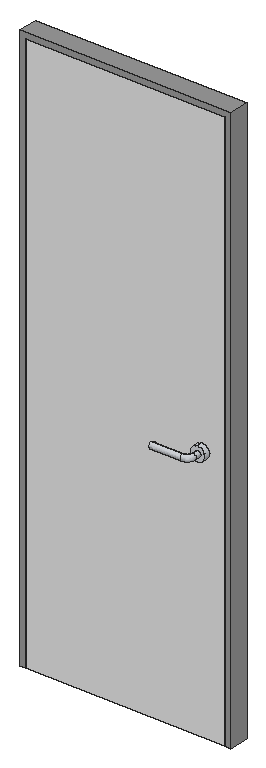
Revit family "- Sinfonia", category Doors, host Wall, Revit 2018
Family settings
  Host = Wall
  OmniClass Number = 23.30.10.00
  OmniClass Title = Doors
  Always vertical = Yes
  Cut with Voids When Loaded = No
  Shared = No
  Room Calculation Point = No
Parameters (values of type "- 70 x 200 cm")
  Set de Marcos = ""
  Relleno = ""
  Material Marco = - Perfil Aluminio
  Material Hoja = - HDF Prefinish
  Manilla = - Manilla
  Hojas = "Simple de Abatir"
  Function = Interior
  Frame Projection Ext. = 2.50 cm
  Frame Projection Int. = 2.50 cm
  Frame Width = 7.50 cm
  Height = 200.00 cm
  Wall Closure = By host
  Width = 74.00 cm
  Distancia a Cara Interior = 6.00 cm
  Bisagras = ""
  Ancho Hoja = Width - 4.00 cm  # 70.00 cm
  Ancho = Width  # 74.00 cm
  Analytic Construction = "<None>"
  Alto = Height  # 200.00 cm
Types (12, lengths in cm): name | Material Hoja | Height | Width | Ancho Hoja | Ancho | Alto
  - 70 x 200 cm | - HDF Prefinish | 200.00 | 74.00 | 70.00 | 74.00 | 200.00
  - 75 x 200 cm | none | 200.00 | 79.00 | 75.00 | 79.00 | 200.00
  - 80 x 200 cm | none | 200.00 | 84.00 | 80.00 | 84.00 | 200.00
  - 85 x 200 cm | none | 200.00 | 89.00 | 85.00 | 89.00 | 200.00
  - 90 x 200 cm | none | 200.00 | 94.00 | 90.00 | 94.00 | 200.00
  -100 x 200 cm | none | 200.00 | 104.00 | 100.00 | 104.00 | 200.00
  - 70 x 210 cm | none | 210.00 | 74.00 | 70.00 | 74.00 | 210.00
  - 75 x 210 cm | none | 210.00 | 79.00 | 75.00 | 79.00 | 210.00
  - 80 x 210 cm | none | 210.00 | 84.00 | 80.00 | 84.00 | 210.00
  - 85 x 210 cm | none | 210.00 | 89.00 | 85.00 | 89.00 | 210.00
  - 90 x 210 cm | - HDF Prefinish | 210.00 | 94.00 | 90.00 | 94.00 | 210.00
  - 100 x 210 cm | - HDF Siena | 210.00 | 104.00 | 100.00 | 104.00 | 210.00
Reference planes (cm)
  plane 1: y = 0
  plane 2 "Center (Left/Right)": x = 0
  plane 3 "Left": x = -37
  plane 4 "Right": x = 37
  plane 5: z = 200
  plane 6 "Exterior": y = 7.5
  plane 7 "Interior": y = -7.5
  plane 8: y = -1.5
  plane 9: z = 198
  plane 10: x = -35
  plane 11: x = 35
Forms (cm)
  Sweep 1, solid, material "- Perfil Aluminio" <- "Material Marco"
    path origin (0, 7.5, 0) x (1, 0, 0) y (0, 0, 1)
      loop
        line (37, 0) -> (37, 200) -> (-37, 200) -> (-37, 0)
    profile origin (37, 7.5, 100) x (-1, 0, 0) y (0, -1, 0)
      loop
        line (0, 2) -> (3, 2) -> (3, 4.3) -> (2, 4.3) -> (2, 9) -> (0, 9) -> (0, 2)
  Extrusion 2, solid, material "- HDF Prefinish" <- "Material Hoja"
    sketch origin (0, 0, 0) x (1, 0, 0) y (0, 1, 0)
      loop
        line (-35, -1.5) -> (35, -1.5) -> (35, 3) -> (-35, 3) -> (-35, -1.5)
    from 0 to 198
  Sweep 3, solid, material "- Manilla" <- "Manilla", not visible
    path origin (5.8483, -7.5601, 0) x (1, 0, 0) y (0, 1, 0)
      loop
        line (22.1517, 15.0613) -> (32.1517, 15.0613)
        arc (32.1517, 15.0613) -> (33.5659, 14.4756) -> (34.1517, 13.0613) r 2
        line (34.1517, 13.0613) -> (34.1517, 11.0613)
    profile origin (33, 7.5012, 0) x (0, 1, 0) y (0, 0, 1)
      loop
        circle (0, 90) r 1
  Extrusion 4, solid, material "- Manilla" <- "Manilla", not visible
    sketch origin (0, 7.5, 0) x (1, 0, 0) y (0, 0, 1)
      loop
        circle (40, 90) r 2.5
    from 3.9988 to 5
Lines and regions (cm)
  Opening 1
    outline origin (-305, -7.5, 0) x (1, 0, 0) y (0, 0, 1)
      loop
        line (268, 0) -> (342, 0) -> (342, 200) -> (268, 200) -> (268, 0)
  symbolic lines, style "Elevation Swing"
    curve 1: line (37, -7.5, 100) -> (-37, -7.5, 200)
    curve 2: line (37, -7.5, 100) -> (-37, -7.5, 0)
    curve 7: arc (-30.5, -71.5, 0) -> (16.4246, -49.6941, 0) -> (35.2596, -1.5001, 0) r 69.4706
  symbolic lines
    curve 3: line (-35, -1.5, 0) -> (-35, -71.5, 0)
    curve 4: line (-30.5, -1.5, 0) -> (-35, -1.5, 0)
    curve 5: line (-30.5, -71.5, 0) -> (-30.5, -1.5, 0)
    curve 6: line (-35, -71.5, 0) -> (-30.5, -71.5, 0)
  model lines, not visible
    curve 8: line (-20, 3, 25) -> (20, 3, 25)
    curve 9: line (-20, 3, 65) -> (-20, 3, 25)
    curve 10: line (20, 3, 65) -> (8.6603, 3, 65)
    curve 11: line (20, 3, 25) -> (20, 3, 65)
    curve 12: line (-20, 3, 75) -> (-8.6603, 3, 75)
    curve 13: line (-20, 3, 75) -> (-20, 3, 169.9666)
    curve 14: line (20, 3, 75) -> (20, 3, 169.9666)
    curve 15: arc (-8.6603, 3, 65) -> (0, 3, 60) -> (8.6603, 3, 65) r 10
    curve 16: line (8.6603, 3, 75) -> (20, 3, 75)
    curve 17: line (-8.6603, 3, 65) -> (-20, 3, 65)
    curve 18: arc (8.6603, 3, 75) -> (0, 3, 80) -> (-8.6603, 3, 75) r 10
    curve 19: arc (14.9666, 3, 175) -> (0, 3, 183) -> (-14.9666, 3, 175) r 18
    curve 20: arc (-20, 3, 169.9666) -> (-16.4409, 3, 171.4409) -> (-14.9666, 3, 175) r 5.0334
    curve 21: arc (14.9666, 3, 175) -> (16.4409, 3, 171.4409) -> (20, 3, 169.9666) r 5.0334
    curve 22: line (-9.2195, 3, 64) -> (-19, 3, 64)
    curve 23: line (-19, 3, 64) -> (-19, 3, 26)
    curve 24: arc (9.2195, 3, 64) -> (0, 3, 59) -> (-9.2195, 3, 64) r 11
    curve 25: line (19, 3, 64) -> (9.2195, 3, 64)
    curve 26: line (19, 3, 26) -> (19, 3, 64)
    curve 27: line (-19, 3, 26) -> (19, 3, 26)
    curve 28: line (-18.9928, 3, 168.9932) -> (-18.9928, 3, 76)
    curve 29: arc (-13.9941, 3, 174.9045) -> (-15.4113, 3, 171.0338) -> (-18.9928, 3, 168.9932) r 5.9946
    curve 30: arc (13.9971, 3, 174.7848) -> (0.0327, 3, 182.1538) -> (-13.9941, 3, 174.9045) r 17.0542
    curve 31: arc (19, 3, 169.1276) -> (15.4988, 3, 171.072) -> (13.9971, 3, 174.7848) r 6.0089
    curve 32: line (19, 3, 76) -> (19, 3, 169.1276)
    curve 33: line (9.2195, 3, 76) -> (19, 3, 76)
    curve 34: arc (-9.2195, 3, 76) -> (0, 3, 81) -> (9.2195, 3, 76) r 11
    curve 35: line (-18.9928, 3, 76) -> (-9.2195, 3, 76)
    curve 36: arc (12.052, 3, 174.0667) -> (0.0498, 3, 180.1537) -> (-12.0243, 3, 174.2107) r 15.0542
    curve 37: arc (-12.0243, 3, 174.2107) -> (-13.561, 3, 170.1508) -> (-16.9928, 3, 167.4925) r 7.9946
    curve 38: line (-16.9928, 3, 167.4925) -> (-16.9928, 3, 78)
    curve 39: line (17, 3, 78) -> (17, 3, 167.6269)
    curve 40: arc (17, 3, 167.6269) -> (13.6492, 3, 170.1731) -> (12.052, 3, 174.0667) r 8.0089
    curve 41: line (-16.9928, 3, 78) -> (-10.247, 3, 78)
    curve 42: arc (-10.247, 3, 78) -> (0, 3, 83) -> (10.247, 3, 78) r 13
    curve 43: line (10.247, 3, 78) -> (17, 3, 78)
    curve 44: line (-10.247, 3, 62) -> (-17, 3, 62)
    curve 45: arc (10.247, 3, 62) -> (0, 3, 57) -> (-10.247, 3, 62) r 13
    curve 46: line (17, 3, 62) -> (10.247, 3, 62)
    curve 47: line (17, 3, 28) -> (17, 3, 62)
    curve 48: line (-17, 3, 28) -> (17, 3, 28)
    curve 49: line (-17, 3, 62) -> (-17, 3, 28)
    curve 50: line (-314, -1.5, 25) -> (-274, -1.5, 25)
    curve 51: line (-314, -1.5, 65) -> (-314, -1.5, 25)
    curve 52: line (-274, -1.5, 25) -> (-274, -1.5, 65)
    curve 53: line (-314, -1.5, 70) -> (-274, -1.5, 70)
    curve 54: line (-314, -1.5, 70) -> (-314, -1.5, 87)
    curve 55: line (-274, -1.5, 70) -> (-274, -1.5, 87)
    curve 56: line (-274, -1.5, 65) -> (-314, -1.5, 65)
    curve 57: line (-275, -1.5, 64) -> (-313, -1.5, 64)
    curve 58: line (-313, -1.5, 64) -> (-313, -1.5, 26)
    curve 59: line (-275, -1.5, 26) -> (-275, -1.5, 64)
    curve 60: line (-313, -1.5, 26) -> (-275, -1.5, 26)
    curve 61: line (-312.9928, -1.5, 86) -> (-312.9928, -1.5, 71)
    curve 62: line (-275, -1.5, 71) -> (-275, -1.5, 86)
    curve 63: line (-312.9928, -1.5, 71) -> (-275, -1.5, 71)
    curve 64: line (-310.9928, -1.5, 84) -> (-310.9928, -1.5, 73)
    curve 65: line (-277, -1.5, 73) -> (-277, -1.5, 84)
    curve 66: line (-310.9928, -1.5, 73) -> (-277, -1.5, 73)
    curve 67: line (-277, -1.5, 62) -> (-311, -1.5, 62)
    curve 68: line (-277, -1.5, 28) -> (-277, -1.5, 62)
    curve 69: line (-311, -1.5, 28) -> (-277, -1.5, 28)
    curve 70: line (-311, -1.5, 62) -> (-311, -1.5, 28)
    curve 71: line (-310.9928, -1.5, 84) -> (-277, -1.5, 84)
    curve 72: line (-314, -1.5, 87) -> (-274, -1.5, 87)
    curve 73: line (-312.9928, -1.5, 86) -> (-275, -1.5, 86)
    curve 74: line (-310.9928, -1.5, 84) -> (-277, -1.5, 84)
    curve 75: line (-314, -1.5, 97) -> (-274, -1.5, 97)
    curve 76: line (-314, -1.5, 185) -> (-314, -1.5, 97)
    curve 77: line (-274, -1.5, 97) -> (-274, -1.5, 185)
    curve 78: line (-274, -1.5, 185) -> (-314, -1.5, 185)
    curve 79: line (-275, -1.5, 184) -> (-313, -1.5, 184)
    curve 80: line (-313, -1.5, 184) -> (-313, -1.5, 98)
    curve 81: line (-275, -1.5, 98) -> (-275, -1.5, 184)
    curve 82: line (-313, -1.5, 98) -> (-275, -1.5, 98)
    curve 83: line (-277, -1.5, 182) -> (-311, -1.5, 182)
    curve 84: line (-277, -1.5, 100) -> (-277, -1.5, 182)
    curve 85: line (-311, -1.5, 100) -> (-277, -1.5, 100)
    curve 86: line (-311, -1.5, 182) -> (-311, -1.5, 100)
    curve 87: line (-320, 3, 25) -> (-280, 3, 25)
    curve 88: line (-320, 3, 65) -> (-320, 3, 25)
    curve 89: line (-280, 3, 25) -> (-280, 3, 65)
    curve 90: line (-320, 3, 72.5) -> (-280, 3, 72.5)
    curve 91: line (-280, 3, 65) -> (-320, 3, 65)
    curve 92: line (-281, 3, 64) -> (-319, 3, 64)
    curve 93: line (-319, 3, 64) -> (-319, 3, 26)
    curve 94: line (-281, 3, 26) -> (-281, 3, 64)
    curve 95: line (-319, 3, 26) -> (-281, 3, 26)
    curve 96: line (-319, 3, 73.5) -> (-281, 3, 73.5)
    curve 97: line (-317, 3, 75.5) -> (-283, 3, 75.5)
    curve 98: line (-283, 3, 62) -> (-317, 3, 62)
    curve 99: line (-283, 3, 28) -> (-283, 3, 62)
    curve 100: line (-317, 3, 28) -> (-283, 3, 28)
    curve 101: line (-317, 3, 62) -> (-317, 3, 28)
    curve 102: line (-320, 3, 179.3431) -> (-320, 3, 72.5)
    curve 103: line (-280, 3, 72.5) -> (-280, 3, 179.3431)
    curve 104: line (-319, 3, 178.3431) -> (-319, 3, 73.5)
    curve 105: line (-281, 3, 73.5) -> (-281, 3, 178.3431)
    curve 106: line (-283, 3, 75.5) -> (-283, 3, 176.3431)
    curve 107: line (-317, 3, 176.3431) -> (-317, 3, 75.5)
    curve 108: arc (-292, 3, 181) -> (-300, 3, 185) -> (-308, 3, 181) r 10
    curve 109: arc (-292, 3, 181) -> (-290.1648, 3, 179.7737) -> (-288, 3, 179.3431) r 5.6569
    curve 110: arc (-308, 3, 181) -> (-309.8352, 3, 179.7737) -> (-312, 3, 179.3431) r 5.6569
    curve 111: line (-288, 3, 179.3431) -> (-280, 3, 179.3431)
    curve 112: line (-312, 3, 179.3431) -> (-320, 3, 179.3431)
    curve 113: line (-281, 3, 178.3431) -> (-288, 3, 178.3431)
    curve 114: arc (-288, 3, 178.3431) -> (-290.5825, 3, 178.8645) -> (-292.7604, 3, 180.3468) r 6.6569
    curve 115: arc (-292.7604, 3, 180.3468) -> (-300, 3, 184) -> (-307.2396, 3, 180.3468) r 9
    curve 116: arc (-307.2396, 3, 180.3468) -> (-309.4175, 3, 178.8645) -> (-312, 3, 178.3431) r 6.6569
    curve 117: line (-312, 3, 178.3431) -> (-319, 3, 178.3431)
    curve 118: line (-283, 3, 176.3431) -> (-288, 3, 176.3431)
    curve 119: arc (-288, 3, 176.3431) -> (-291.43, 3, 177.0516) -> (-294.2985, 3, 179.0611) r 8.6569
    curve 120: arc (-294.2985, 3, 179.0611) -> (-300, 3, 182) -> (-305.7015, 3, 179.0611) r 7
    curve 121: arc (-305.7015, 3, 179.0611) -> (-308.57, 3, 177.0516) -> (-312, 3, 176.3431) r 8.6569
    curve 122: line (-312, 3, 176.3431) -> (-317, 3, 176.3431)
    curve 123: line (-23, -1.5, 25) -> (-5, -1.5, 25)
    curve 124: line (-23, -1.5, 65) -> (-23, -1.5, 25)
    curve 125: line (-5, -1.5, 25) -> (-5, -1.5, 65)
    curve 126: line (-23, -1.5, 72.5) -> (-5, -1.5, 72.5)
    curve 127: line (-5, -1.5, 65) -> (-23, -1.5, 65)
    curve 128: line (-6, -1.5, 64) -> (-22, -1.5, 64)
    curve 129: line (-22, -1.5, 64) -> (-22, -1.5, 26)
    curve 130: line (-6, -1.5, 26) -> (-6, -1.5, 64)
    curve 131: line (-22, -1.5, 26) -> (-6, -1.5, 26)
    curve 132: line (-22, -1.5, 73.5) -> (-6, -1.5, 73.5)
    curve 133: line (-20, -1.5, 75.5) -> (-8, -1.5, 75.5)
    curve 134: line (-8, -1.5, 62) -> (-20, -1.5, 62)
    curve 135: line (-8, -1.5, 28) -> (-8, -1.5, 62)
    curve 136: line (-20, -1.5, 28) -> (-8, -1.5, 28)
    curve 137: line (-20, -1.5, 62) -> (-20, -1.5, 28)
    curve 138: line (-23, -1.5, 179.3431) -> (-23, -1.5, 72.5)
    curve 139: line (-22, -1.5, 178.3431) -> (-22, -1.5, 73.5)
    curve 140: line (-20, -1.5, 176.3431) -> (-20, -1.5, 75.5)
    curve 141: arc (-16, -1.5, 181) -> (-17.8352, -1.5, 179.7737) -> (-20, -1.5, 179.3431) r 5.6569
    curve 142: arc (-15.2396, -1.5, 180.3468) -> (-17.4175, -1.5, 178.8645) -> (-20, -1.5, 178.3431) r 6.6569
    curve 143: arc (-13.7015, -1.5, 179.0611) -> (-16.57, -1.5, 177.0516) -> (-20, -1.5, 176.3431) r 8.6569
    curve 144: arc (-8, -1.5, 185) -> (-12.4721, -1.5, 183.9443) -> (-16, -1.5, 181) r 10
    curve 145: arc (-8, -1.5, 184) -> (-12.0545, -1.5, 183.035) -> (-15.2396, -1.5, 180.3468) r 9
    curve 146: arc (-8, -1.5, 182) -> (-11.2072, -1.5, 181.2221) -> (-13.7015, -1.5, 179.0611) r 7
    curve 147: line (-23, -1.5, 179.3431) -> (-20, -1.5, 179.3431)
    curve 148: line (-20, -1.5, 178.3431) -> (-22, -1.5, 178.3431)
    curve 149: line (-5, -1.5, 185) -> (-5, -1.5, 72.5)
    curve 150: line (-6, -1.5, 184) -> (-6, -1.5, 73.5)
    curve 151: line (-8, -1.5, 182) -> (-8, -1.5, 75.5)
    curve 152: line (-8, -1.5, 185) -> (-5, -1.5, 185)
    curve 153: line (-6, -1.5, 184) -> (-8, -1.5, 184)
    curve 154: line (23, -1.5, 72.5) -> (5, -1.5, 72.5)
    curve 155: line (22, -1.5, 73.5) -> (6, -1.5, 73.5)
    curve 156: line (20, -1.5, 75.5) -> (8, -1.5, 75.5)
    curve 157: line (23, -1.5, 179.3431) -> (23, -1.5, 72.5)
    curve 158: line (22, -1.5, 178.3431) -> (22, -1.5, 73.5)
    curve 159: line (20, -1.5, 176.3431) -> (20, -1.5, 75.5)
    curve 160: arc (16, -1.5, 181) -> (17.8352, -1.5, 179.7737) -> (20, -1.5, 179.3431) r 5.6569
    curve 161: arc (15.2396, -1.5, 180.3468) -> (17.4175, -1.5, 178.8645) -> (20, -1.5, 178.3431) r 6.6569
    curve 162: arc (13.7015, -1.5, 179.0611) -> (16.57, -1.5, 177.0516) -> (20, -1.5, 176.3431) r 8.6569
    curve 163: arc (8, -1.5, 185) -> (12.4721, -1.5, 183.9443) -> (16, -1.5, 181) r 10
    curve 164: arc (8, -1.5, 184) -> (12.0545, -1.5, 183.035) -> (15.2396, -1.5, 180.3468) r 9
    curve 165: arc (8, -1.5, 182) -> (11.2072, -1.5, 181.2221) -> (13.7015, -1.5, 179.0611) r 7
    curve 166: line (23, -1.5, 179.3431) -> (20, -1.5, 179.3431)
    curve 167: line (20, -1.5, 178.3431) -> (22, -1.5, 178.3431)
    curve 168: line (5, -1.5, 185) -> (5, -1.5, 72.5)
    curve 169: line (6, -1.5, 184) -> (6, -1.5, 73.5)
    curve 170: line (8, -1.5, 182) -> (8, -1.5, 75.5)
    curve 171: line (8, -1.5, 185) -> (5, -1.5, 185)
    curve 172: line (6, -1.5, 184) -> (8, -1.5, 184)
    curve 173: line (5, -1.5, 25) -> (23, -1.5, 25)
    curve 174: line (5, -1.5, 65) -> (5, -1.5, 25)
    curve 175: line (23, -1.5, 25) -> (23, -1.5, 65)
    curve 176: line (23, -1.5, 65) -> (5, -1.5, 65)
    curve 177: line (22, -1.5, 64) -> (6, -1.5, 64)
    curve 178: line (6, -1.5, 64) -> (6, -1.5, 26)
    curve 179: line (22, -1.5, 26) -> (22, -1.5, 64)
    curve 180: line (6, -1.5, 26) -> (22, -1.5, 26)
    curve 181: line (20, -1.5, 62) -> (8, -1.5, 62)
    curve 182: line (20, -1.5, 28) -> (20, -1.5, 62)
    curve 183: line (8, -1.5, 28) -> (20, -1.5, 28)
    curve 184: line (8, -1.5, 62) -> (8, -1.5, 28)
    curve 192: line (373, 3, 99) -> (355, 3, 99)
    curve 193: line (373, 3, 158.998) -> (373, 3, 99)
    curve 194: line (373, 3, 158.998) -> (355, 3, 158.998)
    curve 195: line (355, 3, 25) -> (373, 3, 25)
    curve 196: line (355, 3, 85) -> (355, 3, 25)
    curve 197: line (373, 3, 25) -> (373, 3, 85)
    curve 198: line (373, 3, 85) -> (355, 3, 85)
    curve 218: line (355, 3, 158.998) -> (355, 3, 99)
    curve 219: line (373, 3, 158.998) -> (355, 3, 158.998)
    curve 220: line (373, 3, 185) -> (373, 3, 168.998)
    curve 221: line (373, 3, 185) -> (355, 3, 185)
    curve 222: line (355, 3, 185) -> (355, 3, 168.998)
    curve 223: line (373, 3, 168.998) -> (355, 3, 168.998)
    curve 224: line (327, 3, 99) -> (345, 3, 99)
    curve 225: line (327, 3, 158.998) -> (327, 3, 99)
    curve 226: line (327, 3, 158.998) -> (345, 3, 158.998)
    curve 227: line (345, 3, 25) -> (327, 3, 25)
    curve 228: line (345, 3, 85) -> (345, 3, 25)
    curve 229: line (327, 3, 25) -> (327, 3, 85)
    curve 230: line (327, 3, 85) -> (345, 3, 85)
    curve 231: line (345, 3, 158.998) -> (345, 3, 99)
    curve 232: line (327, 3, 158.998) -> (345, 3, 158.998)
    curve 233: line (327, 3, 185) -> (327, 3, 168.998)
    curve 234: line (327, 3, 185) -> (345, 3, 185)
    curve 235: line (345, 3, 185) -> (345, 3, 168.998)
    curve 236: line (327, 3, 168.998) -> (345, 3, 168.998)
    curve 263: line (369, -1.5, 99) -> (351, -1.5, 99)
    curve 264: line (369, -1.5, 158.998) -> (369, -1.5, 99)
    curve 265: line (369, -1.5, 158.998) -> (351, -1.5, 158.998)
    curve 266: line (351, -1.5, 25) -> (369, -1.5, 25)
    curve 267: line (351, -1.5, 85) -> (351, -1.5, 25)
    curve 268: line (369, -1.5, 25) -> (369, -1.5, 85)
    curve 269: line (369, -1.5, 85) -> (351, -1.5, 85)
    curve 270: line (351, -1.5, 158.998) -> (351, -1.5, 99)
    curve 271: line (369, -1.5, 158.998) -> (351, -1.5, 158.998)
    curve 272: line (369, -1.5, 185) -> (369, -1.5, 168.998)
    curve 273: line (369, -1.5, 185) -> (351, -1.5, 185)
    curve 274: line (351, -1.5, 185) -> (351, -1.5, 168.998)
    curve 275: line (369, -1.5, 168.998) -> (351, -1.5, 168.998)
    curve 276: line (323, -1.5, 99) -> (341, -1.5, 99)
    curve 277: line (323, -1.5, 158.998) -> (323, -1.5, 99)
    curve 278: line (323, -1.5, 158.998) -> (341, -1.5, 158.998)
    curve 279: line (341, -1.5, 25) -> (323, -1.5, 25)
    curve 280: line (341, -1.5, 85) -> (341, -1.5, 25)
    curve 281: line (323, -1.5, 25) -> (323, -1.5, 85)
    curve 282: line (323, -1.5, 85) -> (341, -1.5, 85)
    curve 283: line (341, -1.5, 158.998) -> (341, -1.5, 99)
    curve 284: line (323, -1.5, 158.998) -> (341, -1.5, 158.998)
    curve 285: line (323, -1.5, 185) -> (323, -1.5, 168.998)
    curve 286: line (323, -1.5, 185) -> (341, -1.5, 185)
    curve 287: line (341, -1.5, 185) -> (341, -1.5, 168.998)
    curve 288: line (323, -1.5, 168.998) -> (341, -1.5, 168.998)
  model lines
    curve 185: line (23, 3, 99) -> (5, 3, 99)
    curve 186: line (23, 3, 158.998) -> (23, 3, 99)
    curve 187: line (23, 3, 158.998) -> (5, 3, 158.998)
    curve 188: line (5, 3, 25) -> (23, 3, 25)
    curve 189: line (5, 3, 85) -> (5, 3, 25)
    curve 190: line (23, 3, 25) -> (23, 3, 85)
    curve 191: line (23, 3, 85) -> (5, 3, 85)
    curve 199: line (5, 3, 158.998) -> (5, 3, 99)
    curve 200: line (23, 3, 158.998) -> (5, 3, 158.998)
    curve 201: line (23, 3, 185) -> (23, 3, 168.998)
    curve 202: line (23, 3, 185) -> (5, 3, 185)
    curve 203: line (5, 3, 185) -> (5, 3, 168.998)
    curve 204: line (23, 3, 168.998) -> (5, 3, 168.998)
    curve 205: line (-23, 3, 99) -> (-5, 3, 99)
    curve 206: line (-23, 3, 158.998) -> (-23, 3, 99)
    curve 207: line (-23, 3, 158.998) -> (-5, 3, 158.998)
    curve 208: line (-5, 3, 25) -> (-23, 3, 25)
    curve 209: line (-5, 3, 85) -> (-5, 3, 25)
    curve 210: line (-23, 3, 25) -> (-23, 3, 85)
    curve 211: line (-23, 3, 85) -> (-5, 3, 85)
    curve 212: line (-5, 3, 158.998) -> (-5, 3, 99)
    curve 213: line (-23, 3, 158.998) -> (-5, 3, 158.998)
    curve 214: line (-23, 3, 185) -> (-23, 3, 168.998)
    curve 215: line (-23, 3, 185) -> (-5, 3, 185)
    curve 216: line (-5, 3, 185) -> (-5, 3, 168.998)
    curve 217: line (-23, 3, 168.998) -> (-5, 3, 168.998)
    curve 237: line (22.5, -1.5, 99) -> (4.5, -1.5, 99)
    curve 238: line (22.5, -1.5, 158.998) -> (22.5, -1.5, 99)
    curve 239: line (22.5, -1.5, 158.998) -> (4.5, -1.5, 158.998)
    curve 240: line (4.5, -1.5, 25) -> (22.5, -1.5, 25)
    curve 241: line (4.5, -1.5, 85) -> (4.5, -1.5, 25)
    curve 242: line (22.5, -1.5, 25) -> (22.5, -1.5, 85)
    curve 243: line (22.5, -1.5, 85) -> (4.5, -1.5, 85)
    curve 244: line (4.5, -1.5, 158.998) -> (4.5, -1.5, 99)
    curve 245: line (22.5, -1.5, 158.998) -> (4.5, -1.5, 158.998)
    curve 246: line (22.5, -1.5, 185) -> (22.5, -1.5, 168.998)
    curve 247: line (22.5, -1.5, 185) -> (4.5, -1.5, 185)
    curve 248: line (4.5, -1.5, 185) -> (4.5, -1.5, 168.998)
    curve 249: line (22.5, -1.5, 168.998) -> (4.5, -1.5, 168.998)
    curve 250: line (-23.5, -1.5, 99) -> (-5.5, -1.5, 99)
    curve 251: line (-23.5, -1.5, 158.998) -> (-23.5, -1.5, 99)
    curve 252: line (-23.5, -1.5, 158.998) -> (-5.5, -1.5, 158.998)
    curve 253: line (-5.5, -1.5, 25) -> (-23.5, -1.5, 25)
    curve 254: line (-5.5, -1.5, 85) -> (-5.5, -1.5, 25)
    curve 255: line (-23.5, -1.5, 25) -> (-23.5, -1.5, 85)
    curve 256: line (-23.5, -1.5, 85) -> (-5.5, -1.5, 85)
    curve 257: line (-5.5, -1.5, 158.998) -> (-5.5, -1.5, 99)
    curve 258: line (-23.5, -1.5, 158.998) -> (-5.5, -1.5, 158.998)
    curve 259: line (-23.5, -1.5, 185) -> (-23.5, -1.5, 168.998)
    curve 260: line (-23.5, -1.5, 185) -> (-5.5, -1.5, 185)
    curve 261: line (-5.5, -1.5, 185) -> (-5.5, -1.5, 168.998)
    curve 262: line (-23.5, -1.5, 168.998) -> (-5.5, -1.5, 168.998)
Text (cm)
  text "Exterior" at (-229.5016, 109.9543, 0), in view "Ref. Level"
  text "Exterior" at (0, 161.538, 369.8081), in view "Left"
  text "Exterior" at (0, 103.6032, 387.4932), in view "Right"
Dimensions and locks (cm)
  equal spacing: plane 3 "Left", plane 2 "Center (Left/Right)", plane 4 "Right"
  "Width": plane 3 "Left" to plane 4 "Right"
  "Height": plane 5 to host wall
  equal spacing: host wall, curve 2, plane 5
  host wall to plane 5 = 200.00 cm
  locked: plane 6 "Exterior" to host wall at 0
  locked: plane 7 "Interior" to host wall
  "Distancia a Cara Interior": plane 7 "Interior" to plane 8
  locked: Sweep 1 sketch curve to Sweep 1 sketch curve at 7
  locked: plane 9 to plane 5 at 2
  locked: curve 3 to curve 5 at 4.5
  locked: plane 3 "Left" to plane 10 at 2
  locked: plane 11 to plane 4 "Right" at 2
  "Ancho Hoja": curve 6 to curve 4
  locked: Extrusion 2 sketch curve to Extrusion 2 sketch curve at 4.5
  locked: nested 1 to plane 4 "Right" at 10
  level to nested 1 = 90.00 cm
  locked: nested 2 to plane 4 "Right" at 10
  locked: nested 2 to level at 90
  locked: Sweep 1 sketch curve to Sweep 1 sketch curve at 2.3
  curve 200 to curve 202 = 26.002 cm
  locked: Extrusion 2 to curve 215 at 185
  locked: plane 2 "Center (Left/Right)" to curve 210 at 23
  locked: curve 247 to Extrusion 2 at 185
  locked: curve 242 to plane 2 "Center (Left/Right)" at 22.5
  aligned and locked: plane 3 "Left" to Opening 1 sketch curve
  aligned and locked: plane 5 to Opening 1 sketch curve  (x2)
  aligned and locked: Opening 1 sketch curve to plane 4 "Right"
  aligned and locked: Opening 1 sketch curve to level
  aligned and locked: plane 5 to curve 1
  aligned and locked: plane 3 "Left" to curve 2
  aligned and locked: plane 1 to host wall
  aligned and locked: plane 3 "Left" to curve 1
  aligned and locked: plane 8 to Sweep 1 sketch curve
  aligned and locked: Extrusion 2 sketch curve to plane 8
  aligned and locked: Sweep 1 to level
  aligned and locked: plane 10 to curve 3
  aligned and locked: Sweep 3 to Extrusion 4
  aligned and locked: Extrusion 2 to plane 9
Automatic sketch dimensions
  plane 4 "Right" to curve 2 = 0.00 cm
  curve 2 to level = 0.00 cm
  plane 3 "Left" to Sweep 1 sketch curve = 0.00 cm
  plane 4 "Right" to Sweep 1 sketch curve = 0.00 cm
  Sweep 1 sketch curve to level = 0.00 cm  (x2)
  Sweep 1 sketch curve to plane 5 = 0.00 cm
  Sweep 1 sketch curve to profile plane = 0.00 cm
  Sweep 1 sketch curve to profile plane = 2.00 cm
  Sweep 1 sketch curve to Sweep 1 sketch curve = 1.00 cm
  curve 7 to plane 8 = 0.0001 cm
  curve 7 to plane 11 = 0.2596 cm
  curve 4 to plane 8 = 0.00 cm
  curve 7 to plane 10 = 0.7919 cm
  Sweep 3 sketch curve to Sweep 3 sketch curve = 10.00 cm
  Sweep 3 sketch curve to Sweep 3 sketch curve = 2.00 cm  (x2)
  Sweep 3 sketch curve to profile plane = 0.00 cm
  profile plane to Sweep 3 sketch curve = 90.00 cm
  Extrusion 2 sketch curve to plane 10 = 0.00 cm
  Extrusion 2 sketch curve to plane 11 = 0.00 cm
  curve 15 to curve 18 = 0.00 cm  (x4)
  curve 15 to curve 24 = 0.00 cm  (x4)
  curve 15 to curve 34 = 0.00 cm  (x4)
  curve 15 to curve 42 = 0.00 cm  (x4)
  curve 15 to curve 45 = 0.00 cm  (x4)
  curve 29 to curve 37 = 0.00 cm  (x4)
  curve 30 to curve 36 = 0.00 cm  (x4)
  curve 31 to curve 40 = 0.00 cm  (x4)
  curve 8 to curve 31 = 0.00 cm
  curve 21 to curve 31 = 0.00 cm
  curve 14 to curve 32 = 1.00 cm
  curve 10 to curve 26 = 1.00 cm
  curve 26 to curve 47 = 2.00 cm
  curve 32 to curve 39 = 2.00 cm
  curve 46 to curve 46 = 6.753 cm
  curve 39 to curve 43 = 6.753 cm
  curve 42 to curve 33 = 1.0274 cm
  curve 45 to curve 25 = 1.0274 cm
  curve 33 to curve 16 = 0.5593 cm
  curve 24 to curve 10 = 0.5593 cm
  curve 16 to curve 24 = 8.6603 cm
  curve 39 to curve 19 = 17.00 cm
  curve 19 to curve 36 = 0.0402 cm
  curve 15 to curve 12 = 8.6603 cm
  curve 15 to curve 17 = 8.6603 cm
  curve 15 to curve 22 = 0.5593 cm
  curve 12 to curve 35 = 0.5593 cm
  curve 22 to curve 44 = 1.0274 cm
  curve 34 to curve 41 = 1.0274 cm
  curve 41 to curve 38 = 6.7459 cm
  curve 47 to curve 48 = 34.00 cm
  curve 38 to curve 35 = 2.00 cm
  curve 44 to curve 22 = 2.00 cm
  curve 28 to curve 29 = 0.9959 cm
  curve 29 to curve 20 = 0.0113 cm
  curve 22 to curve 17 = 1.00 cm
  curve 8 to curve 26 = 1.00 cm
  curve 23 to curve 49 = 2.00 cm
  curve 48 to curve 49 = 34.00 cm
  curve 45 to curve 25 = 2.00 cm
  curve 25 to curve 10 = 1.00 cm
  curve 10 to curve 45 = 5.00 cm
  curve 10 to curve 16 = 10.00 cm
  curve 12 to curve 35 = 1.00 cm
  curve 34 to curve 41 = 2.00 cm
  curve 41 to curve 19 = 87.00 cm
  curve 19 to curve 30 = 0.0997 cm
  curve 36 to curve 38 = 2.3928 cm
  curve 19 to curve 39 = 2.6269 cm
  curve 37 to curve 28 = 1.5007 cm
  curve 39 to curve 32 = 1.5007 cm
  curve 28 to curve 13 = 0.9734 cm
  curve 31 to curve 14 = 0.839 cm
  curve 13 to curve 29 = 4.9378 cm
  curve 29 to curve 20 = 0.0955 cm
  curve 21 to curve 40 = 0.0527 cm
  curve 31 to curve 36 = 1.9451 cm
  curve 55 to curve 62 = 1.4142 cm
  curve 59 to curve 68 = 2.8284 cm
  curve 62 to curve 65 = 2.8284 cm
  curve 53 to curve 63 = 1.4142 cm
  curve 57 to curve 67 = 2.8284 cm
  curve 66 to curve 64 = 33.9928 cm
  curve 68 to curve 69 = 34.00 cm
  curve 64 to curve 63 = 2.8284 cm
  curve 67 to curve 57 = 2.8284 cm
  curve 57 to curve 56 = 1.4142 cm
  curve 50 to curve 59 = 1.4142 cm
  curve 58 to curve 70 = 2.8284 cm
  curve 69 to curve 70 = 34.00 cm  (x2)
  curve 53 to curve 63 = 1.4193 cm
  curve 65 to curve 62 = 2.8284 cm
  curve 61 to curve 54 = 1.4193 cm
  curve 18 to curve 24 = 0.00 cm  (x2)
  curve 18 to curve 34 = 0.00 cm  (x2)
  curve 18 to curve 42 = 0.00 cm  (x2)
  curve 18 to curve 45 = 0.00 cm  (x2)
  curve 24 to curve 34 = 0.00 cm  (x2)
  curve 24 to curve 42 = 0.00 cm  (x2)
  curve 24 to curve 45 = 0.00 cm  (x2)
  curve 34 to curve 42 = 0.00 cm  (x2)
  curve 34 to curve 45 = 0.00 cm  (x2)
  curve 42 to curve 45 = 0.00 cm  (x2)
  curve 72 to curve 51 = 0.00 cm
  curve 75 to curve 54 = 0.00 cm
  curve 76 to curve 79 = 1.00 cm
  curve 51 to curve 57 = 1.00 cm
  curve 53 to curve 63 = 1.0072 cm
  curve 79 to curve 86 = 2.00 cm
  curve 58 to curve 70 = 2.00 cm
  curve 61 to curve 66 = 2.00 cm
  curve 64 to curve 65 = 33.9928 cm
  curve 69 to curve 69 = 34.00 cm
  curve 85 to curve 65 = 0.00 cm
  curve 68 to curve 60 = 2.00 cm
  curve 65 to curve 63 = 2.00 cm
  curve 84 to curve 82 = 2.00 cm
  curve 62 to curve 55 = 1.00 cm
  curve 57 to curve 56 = 1.00 cm  (x2)
  curve 79 to curve 78 = 1.00 cm  (x2)
  curve 50 to curve 59 = 1.00 cm
  curve 59 to curve 68 = 2.00 cm
  curve 67 to curve 57 = 2.00 cm
  curve 52 to curve 53 = 5.00 cm
  curve 53 to curve 63 = 1.00 cm
  curve 62 to curve 66 = 2.00 cm
  curve 65 to curve 71 = 11.00 cm
  curve 65 to curve 62 = 2.00 cm
  curve 62 to curve 72 = 1.00 cm
  curve 55 to curve 75 = 10.00 cm
  curve 75 to curve 82 = 1.00 cm
  curve 81 to curve 84 = 2.00 cm
  curve 84 to curve 84 = 82.00 cm
  curve 83 to curve 79 = 2.00 cm
  curve 87 to curve 90 = 0.00 cm
  curve 103 to curve 105 = 1.00 cm
  curve 89 to curve 92 = 1.00 cm
  curve 105 to curve 106 = 2.00 cm
  curve 92 to curve 99 = 2.00 cm
  curve 98 to curve 98 = 34.00 cm
  curve 106 to curve 107 = 34.00 cm
  curve 97 to curve 96 = 2.00 cm
  curve 98 to curve 92 = 2.00 cm
  curve 96 to curve 102 = 1.00 cm
  curve 92 to curve 91 = 1.00 cm
  curve 87 to curve 94 = 1.00 cm
  curve 94 to curve 99 = 2.00 cm
  curve 100 to curve 101 = 34.00 cm
  curve 98 to curve 93 = 2.00 cm
  curve 92 to curve 89 = 1.00 cm
  curve 89 to curve 103 = 7.50 cm
  curve 90 to curve 105 = 1.00 cm
  curve 96 to curve 106 = 2.00 cm
  curve 97 to curve 107 = 100.8431 cm
  curve 106 to curve 107 = 0.00 cm
  curve 106 to curve 105 = 2.00 cm
  curve 105 to curve 103 = 1.00 cm
  curve 108 to curve 115 = 0.00 cm  (x4)
  curve 108 to curve 120 = 0.00 cm  (x4)
  curve 109 to curve 114 = 0.00 cm  (x3)
  curve 109 to curve 119 = 0.00 cm  (x4)
  curve 110 to curve 116 = 0.00 cm  (x3)
  curve 110 to curve 121 = 0.00 cm  (x3)
  curve 114 to curve 119 = 0.00 cm  (x3)
  curve 116 to curve 121 = 0.00 cm  (x4)
  curve 106 to curve 111 = 5.00 cm
  curve 118 to curve 115 = 12.00 cm
  curve 110 to curve 104 = 7.00 cm
  curve 115 to curve 106 = 1.3431 cm
  curve 122 to curve 117 = 2.00 cm
  curve 117 to curve 112 = 1.00 cm
  curve 110 to curve 121 = 5.6569 cm
  curve 111 to curve 109 = 5.6569 cm
  curve 109 to curve 109 = 4.00 cm
  curve 108 to curve 115 = 0.7604 cm
  curve 115 to curve 119 = 1.5381 cm
  curve 115 to curve 120 = 0.00 cm  (x2)
  curve 125 to curve 128 = 1.4142 cm
  curve 128 to curve 135 = 2.8284 cm
  curve 134 to curve 134 = 12.00 cm  (x2)
  curve 133 to curve 132 = 2.8284 cm
  curve 134 to curve 128 = 2.8284 cm
  curve 132 to curve 138 = 1.4142 cm
  curve 128 to curve 127 = 1.4142 cm
  curve 123 to curve 130 = 1.4142 cm
  curve 130 to curve 135 = 2.8284 cm
  curve 136 to curve 137 = 34.00 cm
  curve 134 to curve 129 = 2.8284 cm
  curve 128 to curve 125 = 1.4142 cm
  curve 133 to curve 140 = 100.8431 cm
  curve 140 to curve 139 = 2.8284 cm
  curve 139 to curve 138 = 1.4142 cm
  curve 141 to curve 142 = 0.00 cm  (x6)
  curve 141 to curve 143 = 0.00 cm  (x6)
  curve 141 to curve 142 = 1.0024 cm
  curve 145 to curve 143 = 2.0047 cm
  curve 142 to curve 143 = 0.00 cm  (x4)
  curve 144 to curve 145 = 0.00 cm  (x2)
  curve 144 to curve 146 = 0.00 cm  (x2)
  curve 145 to curve 146 = 0.00 cm  (x2)
  curve 160 to curve 161 = 0.00 cm  (x2)
  curve 160 to curve 162 = 0.00 cm  (x2)
  curve 161 to curve 162 = 0.00 cm  (x2)
  curve 163 to curve 164 = 0.00 cm  (x2)
  curve 163 to curve 165 = 0.00 cm  (x2)
  curve 164 to curve 165 = 0.00 cm  (x2)
  curve 138 to curve 124 = 0.00 cm
  curve 138 to curve 148 = 1.00 cm
  curve 124 to curve 128 = 1.00 cm
  curve 139 to curve 147 = 2.00 cm
  curve 128 to curve 134 = 2.00 cm
  curve 133 to curve 133 = 12.00 cm
  curve 133 to curve 132 = 2.00 cm
  curve 135 to curve 131 = 2.00 cm
  curve 150 to curve 149 = 1.00 cm
  curve 128 to curve 125 = 1.00 cm
  curve 126 to curve 168 = 10.00 cm
  curve 123 to curve 173 = 10.00 cm
  curve 173 to curve 178 = 1.00 cm
  curve 168 to curve 169 = 1.00 cm
  curve 169 to curve 172 = 2.00 cm
  curve 177 to curve 184 = 2.00 cm
  curve 183 to curve 183 = 12.00 cm
  curve 163 to curve 159 = 12.00 cm
  curve 167 to curve 167 = 2.00 cm
  curve 182 to curve 179 = 2.00 cm
  curve 158 to curve 157 = 1.00 cm  (x2)
  curve 177 to curve 176 = 1.00 cm
  curve 173 to curve 123 = 0.00 cm
  curve 173 to curve 180 = 1.00 cm
  curve 123 to curve 131 = 1.00 cm
  curve 179 to curve 182 = 2.00 cm
  curve 129 to curve 137 = 2.00 cm
  curve 136 to curve 134 = 34.00 cm
  curve 184 to curve 134 = 0.00 cm
  curve 181 to curve 177 = 2.00 cm
  curve 134 to curve 129 = 2.00 cm
  curve 128 to curve 127 = 1.00 cm
  curve 177 to curve 174 = 1.00 cm
  curve 125 to curve 126 = 7.50 cm
  curve 174 to curve 168 = 7.50 cm
  curve 154 to curve 158 = 1.00 cm
  curve 126 to curve 132 = 1.00 cm
  curve 155 to curve 156 = 2.00 cm
  curve 132 to curve 133 = 2.00 cm
  curve 156 to curve 163 = 99.50 cm
  curve 144 to curve 163 = 0.00 cm
  curve 163 to curve 159 = 1.3431 cm
  curve 144 to curve 140 = 1.3431 cm
  curve 159 to curve 158 = 2.00 cm
  curve 140 to curve 139 = 2.00 cm
  curve 139 to curve 138 = 1.00 cm
  curve 144 to curve 151 = 7.00 cm
  curve 163 to curve 170 = 7.00 cm
  curve 170 to curve 172 = 2.00 cm
  curve 146 to curve 153 = 2.00 cm
  curve 169 to curve 168 = 1.00 cm
  curve 141 to curve 143 = 5.6569 cm
  curve 160 to curve 162 = 5.6569 cm
  curve 150 to curve 152 = 1.00 cm
  curve 189 to curve 199 = 14.00 cm
  curve 186 to curve 204 = 0.00 cm
  curve 191 to curve 185 = 0.00 cm  (x2)
  curve 203 to curve 217 = 10.00 cm
  curve 185 to curve 205 = 10.00 cm
  curve 189 to curve 211 = 10.00 cm
  curve 190 to curve 208 = 0.00 cm
  curve 209 to curve 212 = 14.00 cm
  curve 199 to curve 205 = 0.00 cm
  curve 206 to curve 214 = 10.00 cm
  curve 187 to curve 204 = 10.00 cm
  curve 193 to curve 223 = 0.00 cm
  curve 198 to curve 192 = 0.00 cm  (x2)
  curve 222 to curve 236 = 10.00 cm
  curve 192 to curve 224 = 10.00 cm
  curve 196 to curve 230 = 10.00 cm
  curve 197 to curve 227 = 0.00 cm
  curve 228 to curve 231 = 14.00 cm
  curve 218 to curve 224 = 0.00 cm
  curve 225 to curve 233 = 10.00 cm
  curve 194 to curve 223 = 10.00 cm
  curve 238 to curve 249 = 10.00 cm  (x2)
  curve 243 to curve 237 = 14.00 cm
  curve 248 to curve 262 = 10.00 cm
  curve 237 to curve 250 = 10.00 cm
  curve 241 to curve 256 = 10.00 cm
  curve 242 to curve 253 = 28.00 cm
  curve 254 to curve 257 = 14.00 cm  (x2)
  curve 244 to curve 250 = 10.00 cm
  curve 251 to curve 259 = 10.00 cm
  curve 239 to curve 249 = 10.00 cm
  curve 264 to curve 275 = 10.00 cm  (x2)
  curve 269 to curve 263 = 14.00 cm
  curve 274 to curve 288 = 10.00 cm
  curve 263 to curve 276 = 10.00 cm
  curve 267 to curve 282 = 10.00 cm
  curve 268 to curve 279 = 28.00 cm
  curve 280 to curve 283 = 14.00 cm  (x2)
  curve 270 to curve 276 = 10.00 cm
  curve 277 to curve 285 = 10.00 cm
  curve 265 to curve 275 = 10.00 cm
  curve 250 to curve 256 = 0.00 cm
  curve 262 to curve 251 = 0.00 cm
  curve 261 to curve 248 = 10.00 cm
  curve 248 to curve 244 = 0.00 cm
  curve 254 to curve 243 = 10.00 cm
  curve 242 to curve 253 = 0.00 cm
  curve 244 to curve 250 = 0.00 cm
  curve 252 to curve 261 = 10.00 cm
  curve 276 to curve 282 = 0.00 cm
  curve 288 to curve 277 = 0.00 cm
  curve 287 to curve 274 = 10.00 cm
  curve 274 to curve 270 = 0.00 cm
  curve 280 to curve 269 = 10.00 cm
  curve 268 to curve 279 = 0.00 cm
  curve 270 to curve 276 = 0.00 cm
  curve 278 to curve 287 = 10.00 cm
  curve 259 to curve 260 = 18.00 cm
  curve 259 to curve 260 = 16.002 cm
  curve 247 to curve 246 = 18.00 cm
  curve 246 to curve 247 = 16.002 cm
  curve 261 to curve 257 = 0.00 cm
  curve 252 to curve 239 = 0.00 cm
  curve 246 to curve 245 = 0.00 cm
  curve 250 to curve 252 = 59.998 cm
  curve 253 to curve 254 = 18.00 cm
  curve 255 to curve 241 = 0.00 cm
  curve 237 to curve 243 = 0.00 cm
  curve 240 to curve 241 = 60.00 cm
  curve 285 to curve 286 = 18.00 cm
  curve 285 to curve 286 = 16.002 cm
  curve 273 to curve 272 = 18.00 cm
  curve 272 to curve 273 = 16.002 cm
  curve 287 to curve 283 = 0.00 cm
  curve 278 to curve 265 = 0.00 cm
  curve 272 to curve 271 = 0.00 cm
  curve 276 to curve 278 = 59.998 cm
  curve 279 to curve 280 = 18.00 cm
  curve 281 to curve 267 = 0.00 cm
  curve 263 to curve 269 = 0.00 cm
  curve 266 to curve 267 = 60.00 cm
  curve 201 to curve 202 = 18.00 cm
  curve 201 to curve 201 = 16.002 cm
  curve 215 to curve 214 = 18.00 cm
  curve 214 to curve 214 = 16.002 cm
  curve 199 to curve 203 = 0.00 cm
  curve 186 to curve 207 = 0.00 cm
  curve 213 to curve 214 = 0.00 cm
  curve 205 to curve 207 = 59.998 cm
  curve 191 to curve 185 = 14.00 cm
  curve 211 to curve 205 = 0.00 cm
  curve 188 to curve 189 = 60.00 cm
  curve 220 to curve 221 = 18.00 cm
  curve 220 to curve 220 = 16.002 cm
  curve 234 to curve 233 = 18.00 cm
  curve 233 to curve 233 = 16.002 cm
  curve 218 to curve 222 = 0.00 cm
  curve 193 to curve 226 = 0.00 cm
  curve 232 to curve 233 = 0.00 cm
  curve 224 to curve 226 = 59.998 cm
  curve 198 to curve 192 = 14.00 cm
  curve 230 to curve 224 = 0.00 cm
  curve 195 to curve 196 = 60.00 cm
  radius of Sweep 3 sketch curve = 1.00 cm
  radius of Extrusion 4 sketch curve = 2.50 cm
Nested families (cm)
  nested 1: "- Manilla Generica Puerta" at (27, 3, 90) x (0, 0, -1) z (0, 1, 0), type "- Manilla Generica Puerta"
  nested 2: "- Manilla Generica Puerta" at (27, -1.5, 90) x (0, 0, -1) z (0, -1, 0), type "- Manilla Generica Puerta"
Definition of nested family "- Manilla Generica Puerta"
  Parameters (values of type "- Manilla Generica Puerta")
    Manilla = none
    Default Elevation = 121.92 cm
  Reference planes (cm)
    plane 1 "Center (Front/Back)": y = 0
    plane 2: z = 0
    plane 3 "Center (Left/Right)": x = 0
    plane 4: z = 2
  Forms (cm)
    Extrusion 1, solid
      sketch origin (0, 0, 0) x (1, 0, 0) y (0, 1, 0)
        loop
          line (-121.92, 121.92) -> (-121.92, -121.92) -> (121.92, -121.92) -> (121.92, 121.92) -> (-121.92, 121.92)
      from 0 to -30.48
    Extrusion 2, solid, material <- "Manilla"
      sketch origin (0, 0, 0) x (1, 0, 0) y (0, 1, 0)
        loop
          circle (0, 0) r 2.5
      from 0 to 2
    Sweep 3, solid, material <- "Manilla"
      path origin (0, 0, 0) x (0, 1, 0) y (0, 0, 1)
        loop
          line (0, 2) -> (0, 4)
          arc (0, 4) -> (0.5858, 5.4142) -> (2, 6) r 2
          line (2, 6) -> (13, 6)
      profile origin (0, 0, 3) x (0, -1, 0) y (1, 0, 0)
        loop
          circle (0, 0) r 1
  Dimensions and locks (cm)
    locked: Extrusion 2 to Extrusion 2 at 2
    locked: plane 4 to level at 2
    aligned and locked: plane 2 to Extrusion 1
    aligned and locked: level to Extrusion 1
    aligned and locked: plane 4 to Sweep 3
